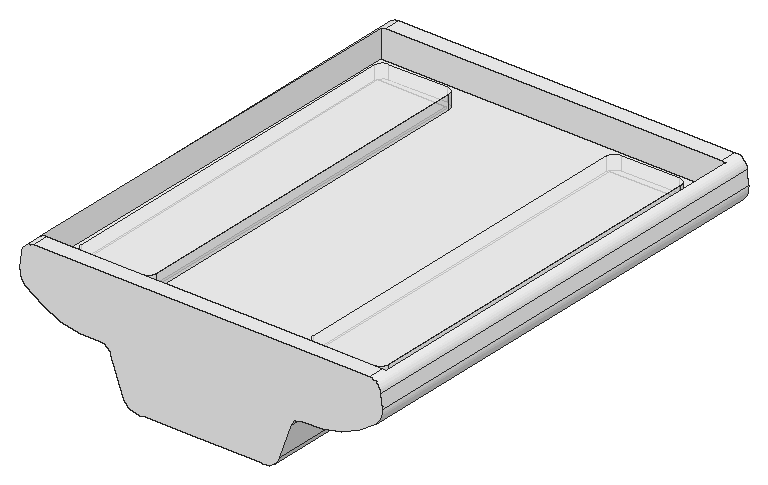
Revit family "ECH1-835-L24-DW", category Lighting Fixtures, host Face, Revit 2021
Family settings
  Host = Face
  Round Connector Dimension = Use Diameter
  Part Type = Normal
  OmniClass Number = 23.80.70.11.14.17
  OmniClass Title = Direct/Indirect
  Cut with Voids When Loaded = No
  Light Source = Yes
  Shared = Yes
  Room Calculation Point = No
Parameters (values of type "ECH1-835-L24-DW")
  Wattage = 164 W
  Warranty = "5 year limited"  # constant formula
  built-in parameter 1150110 = 1 (stored number, unit not read)
  Voltage Comments = "120-277;347;480"
  Voltage = 120 V
  Version = "2021 V 1.2"  # constant formula
  Type Comments = "Light Fixture"
  built-in parameter 1114217 = 1 (stored number, unit not read)
  Tilt Angle = -90.00°
  built-in parameter 1150109 = 1 (stored number, unit not read)
  built-in parameter 1150134 = (empty or 0)
  built-in parameter 1150113 = 1 (stored number, unit not read)
  Product Page URL = "https://www.currentlighting.com/indoor-lighting/echelan-ech/113902"
  Product Documentation Link = "https://cdn.currentlighting.com/site/specsheet/COL_ECH_SPEC.pdf"
  Power Factor = 1
  Photometry Note = "Please load ies file listed under Photometric Web File for accurate rendering."  # constant formula
  Photometric Web Link = "https://www.currentlighting.com/indoor-lighting/echelan-ech/113902"
  Photometric Web File = "ECH1-835-L24-DW-xxx_120-277V.IES"
  Optical Code = "DW"
  Wattage Comments = "49 - 380 W"
  URL = "www.currentlighting.com"
  Mounting = "Please Refer to the Product Spec Sheet for Mounting Options"  # constant formula
  Model = "ECH1-835-L24-DW"
  Manufacturer Contact-us = "https://www.currentlighting.com/contact-us"
  Manufacturer Address = "701 Millenium Blvd,Greenville, SC"  # constant formula
  Manufacturer = "Current Lighting"  # constant formula
  built-in parameter 1150105 = 1866.3 (stored number, unit not read)
  Lumens = 23452 lm
  built-in parameter 1150115 = 1 (stored number, unit not read)
  Load Classification = Lighting
  built-in parameter 1150137 = (empty or 0)
  built-in parameter 1150139 = (empty or 0)
  Lens Material Finish = White Glass
  built-in parameter 1150112 = 1 (stored number, unit not read)
  built-in parameter 1150114 = 1 (stored number, unit not read)
  Lamp = "LED"  # constant formula
  Installation and Service URL = "https://cdn.currentlighting.com/site/installationmanuals/COL_ECH_INS.pdf"
  built-in parameter 1150132 = (empty or 0)
  built-in parameter 1150102 = (empty or 0)
  built-in parameter 1150107 = 3500 (stored number, unit not read)
  built-in parameter 1150138 = (empty or 0)
  built-in parameter 1150106 = 18.663 (stored number, unit not read)
  Housing Material = Paint - Matte White
  Features = "Industrial design delivers a small, lightweight fixture for ease of installation\r\nElectrical architecture delivers industry leading efficiencies (up to 201 LPW) that translate into lowest life cycle cost\r\nDesigned for unconditioned spaces through a 55 °C ambient temperature rating and a -30°C rating for refrigerated spaces\r\nWide lumen range (up to 60K) to accommodates various ceiling heights, fixture spacings, and Fc specifications\r\nOptical distribution choices deliver the right light to the right spot (horizontal, vertical, max/min) for your designs\r\nIntegrated sensor options for code compliance, increased energy savings, and connection to NX Lighting Controls systems\r\nOptimized bulk packaging minimizes job site space requirements and eases waste removal"
  Emit from Rectangle Width = 13.00"  # constant formula
  Emit from Rectangle Length = 9.00"  # constant formula
  Emit Shape Visible in Rendering = no
  built-in parameter 1150104 = 13.285 (stored number, unit not read)
  Distribution Patterns = "None"
  Dimming Lamp Color Temperature Shift = <None>
  Description = "The ECH is an industry-leading specification high bay providing superior performance and reliability. Available with integral NX Lighting Controls."
  Default Elevation = 48.00"
  Copyright = "© 2022 HLI Solutions, Inc."
  Controller = "Please Refer to the Product Spec Sheet for Control Options"  # constant formula
  Color Rendering Index = "80 CRI"
  Color Filter = 16777215
  Brand = "Columbia Lighting"
  built-in parameter 1114218 = 1 (stored number, unit not read)
  Available Finish Options = "Available in Matte White"  # constant formula
  built-in parameter 1150133 = 10 (stored number, unit not read)
  Assembly Code = "D5020200"
  Apparent Load = 164 VA
  Additional Material Finish = Paint - Matte White
Reference planes (in)
  plane 1 "Center (Front/Back)": y = 13.01342
  plane 2: z = 0
  plane 3 "Center (Left/Right)": x = 0
  plane 4: y = 19.89342
  plane 5: y = 6.13342
  plane 6: x = 5.44
  plane 7: x = -5.44
  plane 8: z = 3.46
Forms (in)
  Extrusion 1, solid, material "Paint - Matte White" <- "Housing Material"
    sketch origin (0, 13.01342, 0) x (1, 0, 0) y (0, 0, 1)
      loop
        arc (-5.0235, 3.48382) -> (-5.26607, 3.38949) -> (-5.38119, 3.15607) r 0.35905
        line (-5.38119, 3.15607) -> (-5.41873, 2.72692)
        arc (-5.41873, 2.72692) -> (-5.38324, 2.49361) -> (-5.24469, 2.30257) r 0.5
        arc (-5.24469, 2.30257) -> (-4.19753, 1.71634) -> (-3.0062, 1.57167) r 3.10058
        arc (-3.0062, 1.57167) -> (-2.80868, 1.52032) -> (-2.68358, 1.35908) r 0.31649
        line (-2.68358, 1.35908) -> (-2.33814, 0.35587)
        arc (-2.33814, 0.35587) -> (-2.10135, 0.07414) -> (-1.73678, 0.02382) r 0.51237
        line (-1.73678, 0.02382) -> (0, 0.02382) -> (1.79928, 0.02382)
        arc (1.79928, 0.02382) -> (2.16385, 0.07414) -> (2.40064, 0.35587) r 0.51237
        line (2.40064, 0.35587) -> (2.74608, 1.35908)
        arc (2.74608, 1.35908) -> (2.87118, 1.52032) -> (3.0687, 1.57167) r 0.31649
        arc (3.0687, 1.57167) -> (4.26003, 1.71634) -> (5.30719, 2.30257) r 3.10058
        arc (5.30719, 2.30257) -> (5.44574, 2.49361) -> (5.48123, 2.72692) r 0.5
        line (5.48123, 2.72692) -> (5.44369, 3.15607)
        arc (5.44369, 3.15607) -> (5.32857, 3.38949) -> (5.086, 3.48382) r 0.35905
        line (5.086, 3.48382) -> (-5.0235, 3.48382)
    from -6.88 to 6.88
  Extrusion 2, void
    sketch origin (0, 0, 0) x (1, 0, 0) y (0, 1, 0)
      loop
        line (-5.19, 19.39342) -> (-5.19, 6.63342) -> (5.19, 6.63342) -> (5.19, 19.39342) -> (-5.19, 19.39342)
    from 2.63499 to 3.85781
  Extrusion 3, solid, material "White Glass" <- "Lens Material Finish"
    sketch origin (0, 0, 0) x (1, 0, 0) y (0, 1, 0)
      loop
        arc (-4.36812, 18.69987) -> (-4.5449, 18.62664) -> (-4.61812, 18.44987) r 0.25
        line (-4.61812, 18.44987) -> (-4.61812, 7.44987)
        arc (-4.61812, 7.44987) -> (-4.5449, 7.27309) -> (-4.36812, 7.19987) r 0.25
        line (-4.36812, 7.19987) -> (-2.61812, 7.19987)
        arc (-2.61812, 7.19987) -> (-2.44134, 7.27309) -> (-2.36812, 7.44987) r 0.25
        line (-2.36812, 7.44987) -> (-2.36812, 18.44987)
        arc (-2.36812, 18.44987) -> (-2.44134, 18.62664) -> (-2.61812, 18.69987) r 0.25
        line (-2.61812, 18.69987) -> (-4.36812, 18.69987)
      loop
        line (4.36812, 18.69987) -> (2.61812, 18.69987)
        arc (2.61812, 18.69987) -> (2.44134, 18.62664) -> (2.36812, 18.44987) r 0.25
        line (2.36812, 18.44987) -> (2.36812, 7.44987)
        arc (2.36812, 7.44987) -> (2.44134, 7.27309) -> (2.61812, 7.19987) r 0.25
        line (2.61812, 7.19987) -> (4.36812, 7.19987)
        arc (4.36812, 7.19987) -> (4.5449, 7.27309) -> (4.61812, 7.44987) r 0.25
        line (4.61812, 7.44987) -> (4.61812, 18.44987)
        arc (4.61812, 18.44987) -> (4.5449, 18.62664) -> (4.36812, 18.69987) r 0.25
    from 2.63499 to 3.06657
  Extrusion 4, solid, material "Paint - Matte White" <- "Additional Material Finish"
    sketch origin (0, 0, 0) x (1, 0, 0) y (0, 1, 0)
      loop
        line (-4.50479, 18.44987) -> (-4.50479, 7.44987) -> (-2.48145, 7.44987) -> (-2.48145, 18.44987) -> (-4.50479, 18.44987)
      loop
        line (4.50479, 18.44987) -> (2.48145, 18.44987) -> (2.48145, 7.44987) -> (4.50479, 7.44987) -> (4.50479, 18.44987)
    from 2.63499 to 2.7
Cuts and joins
  Extrusion 2 cuts Extrusion 1
Dimensions and locks (in)
  plane 5 to plane 4 = 13.76"
  plane 7 to plane 6 = 10.88"
  aligned and locked: plane 2 to host face
  aligned and locked: level to host face
  aligned and locked: plane 3 "Center (Left/Right)" to imposter light
  aligned and locked: Extrusion 1 to plane 4
  aligned and locked: plane 5 to Extrusion 1
  aligned and locked: plane 8 to imposter light
Connectors (in)
  electrical at (0.89964, 13.01342, 0.02382), driven by "Power Factor", driven by "Apparent Load", driven by "Voltage", driven by "Load Classification"
    settings: on cut or joined group of Extrusion 1, Extrusion 2, index 1, voltage 120 V, apparent load 164 VA, apparent load phase1 0 VA, apparent load phase2 0 VA, apparent load phase3 0 VA, power factor 1, load classification "Lighting", number of poles 1, system type 30, power factor state 1, is connector primary yes, connector utility no, sub classification motor no, connector description "Light Fixture"
